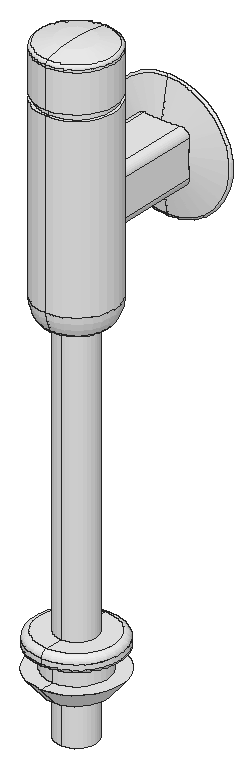
Revit family "PRD_FrankeWS_UrnlFlshngVlvs_SelfClosingUrinalFlushValve_AQRM464", category Plumbing Fixtures, Revit 2018
Family settings
  Round Connector Dimension = Use Diameter
  Part Type = Normal
  OmniClass Number = 23.45.05.14.99
  OmniClass Title = Other Sanitary Washing Plumbing Fixtures
  Work Plane-Based = Yes
  Always vertical = Yes
  Cut with Voids When Loaded = No
  Shared = No
  Room Calculation Point = No
Parameters (values of type "AQRM464")
  WarrantyStartDate [instance] = "1900-12-31T23:59:59"
  WarrantyGuarantorParts = "n/a"
  WarrantyGuarantorLabor = "n/a"
  WarrantyDurationUnit = "year"
  WarrantyDurationParts = "n/a"
  WarrantyDurationLabor = "n/a"
  WarrantyDescription = "n/a"
  Version = "1"
  Uniclass2015Version = "Products v1.17"
  Uniclass2015Title = "Urinal flushing valves"
  Uniclass2015Code = "Pr_40_20_93_79"
  URL = "www.kwc.com"
  TypeOfOperation = "Manual operation"
  TypeOfMounting = "Wall mounting"
  TypeOfFlushingFitting = "Urinal flush valve"
  TailorMade = "No"
  TagNumber [instance] = "n/a"
  SustainabilityPerformance = "n/a"
  SurfaceFinishFitting = "Chromed"
  SoundInsulation = "2"
  Size = "n/a"
  Shape = "n/a"
  SerialNumber [instance] = "n/a"
  Revision = "n/a"
  ReplacementCost = "n/a"
  ProtectiveShutdown = "No"
  ProductInformation = "https://pim.kwc.com/product/2000100071/attachment/datasheet?locale=en"
  OutletSize = "DN 15"
  NominalWidth = 0 mm
  NominalHeight = 0 mm
  NominalDepth = 0 mm
  NetWeight = 0.82 kg
  Name = "Urinal flush valve AQRM464"
  NBSTypeID = "n/a"
  NBSReference = "45-35-70/355"
  NBSOfficeMasterTag = "n/a"
  NBSNote = "n/a"
  NBSDescription = "Urinal flushing valves"
  NBSCertification = "n/a"
  ModelReference = "AQRM464"
  ModelNumber = "2000100071"
  Model = ModelReference  # "AQRM464"
  MinimumFlushingFlow = "0.30 liter per second"
  MinimumFlushWaterVolume = "2.00 liter"
  MinimumFlowPressure = "1.00 bar"
  MaximumFlushingFlow = "0.70 liter per second"
  MaximumFlushWaterVolume = "4.00 liter"
  MaximumFlowPressure = "4.00 bar"
  Material = "brass"
  ManufacturerURL = "www.kwc.com"
  ManufacturerName = "KWC Group AG"  # constant formula
  Manufacturer = ManufacturerName  # "KWC Group AG"
  IsHighPressure = no
  IntegralAccessories = "n/a"
  InstallationDate [instance] = "1900-12-31T23:59:59"
  InletSize = "G 1/2 B"
  IfcExportType = "FLUSHING"
  IfcExportAs = "IfcValveType"
  HasIntegralShutOffDevice = yes
  GrossWeight = 0.90 kg
  Grade = "n/a"
  FunctionalPrinciple = "Hydraulic self-closing"
  FlushingRate = 0.7 L/s
  FlushValveMaterial = PRD_AR_ChromatedBrass_HighPolished
  FlowColdWater = 0.3 L/s
  Finish = "chromed"
  Features = "all-metal construction polished chromium-plated brass"
  ExpectedLife = "n/a"
  DurationUnit = "year"
  DiameterNominal = 15.0 mm
  Description = "AQUALINE urinal flush valve DN 15 for surface installation, flushing quantity and volume flow adjustable, with lockable water quantity regulator, inlet pipe and connector. All-metal construction polished chromium-plated brass."
  Default Elevation = 1219.2 mm
  CreatedOn = "04/2021"  # constant formula
  Constituents = "n/a"
  Color = "n/a"
  CodePerformance = "n/a"
  Category = "Pr_40_20_93_79, Urinal flushing valves"
  CalculationFlowRateColdWater = "0.30 liter per second"
  BarCode [instance] = "n/a"
  BIMObjectName = "PRD_AR_UrinalFlushingValves_SelfClosingUrinalFlushValve_AQRM464"
  Author = "Archispace"  # constant formula
  AssetType = "Fixed"
  AssetIdentifier [instance] = "n/a"
  AccessibilityPerformance = "n/a"
Reference planes
  plane 1 "Center (Front/Back)": y = 0
  plane 2: z = 0
  plane 3 "Center (Left/Right)": x = 0
Forms (mm)
  Revolve 1, solid, material "PRD_AR_ChromatedBrass_HighPolished" <- "FlushValveMaterial", detail levels fine
    sketch origin (0, 0, 0) x (0, 1, 0) y (0, 0, 1)
      loop
        arc (-38.151, 67.286) -> (-46.489, 69.093) -> (-55, 69.7) r 60
        line (-55, 69.7) -> (-55, -227) -> (-46, -227) -> (-46, -206.3) -> (-40.848, -206.3) -> (-34, -197.8) -> (-40.75, -197.8) -> (-40.75, -188.5) -> (-35.4, -188.5)
        arc (-35.4, -188.5) -> (-34.693, -188.207) -> (-34.4, -187.5) r 1
        line (-34.4, -187.5) -> (-34.4, -185)
        arc (-34.4, -185) -> (-35.279, -182.879) -> (-37.4, -182) r 3
        line (-37.4, -182) -> (-46, -182) -> (-46, -49) -> (-40.779, -49)
        arc (-40.779, -49) -> (-40.305, -48.88) -> (-39.944, -48.55) r 1
        arc (-39.944, -48.55) -> (-37.863, -44.223) -> (-37, -39.5) r 18
        line (-37, -39.5) -> (-37, 44) -> (-38.5, 44) -> (-38.5, 46.7) -> (-37, 46.7) -> (-37, 64.7) -> (-37, 65.75)
        arc (-37, 65.75) -> (-37.32, 66.709) -> (-38.151, 67.286) r 1.6
      axis (-55, -227) -> (-55, 69.7)
    angle from 0 to 360
  Revolve 2, solid, material "PRD_AR_ChromatedBrass_HighPolished" <- "FlushValveMaterial", detail levels fine
    sketch origin (0, 0, 0) x (0, 1, 0) y (0, 0, 1)
      loop
        arc (0, 30) -> (-0.625, 29.781) -> (-0.976, 29.219) r 1
        line (-0.976, 29.219) -> (-5, 11.283) -> (-5, 0) -> (0, 0) -> (0, 30)
      axis (-5, 0) -> (0, 0)
    angle from 0 to 360
  Extrusion 3, solid, material "PRD_AR_ChromatedBrass_HighPolished" <- "FlushValveMaterial", detail levels fine
    sketch origin (0, 0, 0) x (1, 0, 0) y (0, 0, 1)
      loop
        arc (-8.5, 12.5) -> (-11.328, 11.328) -> (-12.5, 8.5) r 4
        line (-12.5, 8.5) -> (-12.5, -8.5)
        arc (-12.5, -8.5) -> (-11.328, -11.328) -> (-8.5, -12.5) r 4
        line (-8.5, -12.5) -> (8.5, -12.5)
        arc (8.5, -12.5) -> (11.328, -11.328) -> (12.5, -8.5) r 4
        line (12.5, -8.5) -> (12.5, 8.5)
        arc (12.5, 8.5) -> (11.328, 11.328) -> (8.5, 12.5) r 4
        line (8.5, 12.5) -> (-8.5, 12.5)
    from 0 to 56.435
  Revolve 4, solid, material "PRD_AR_ChromatedBrass_HighPolished" <- "FlushValveMaterial", detail levels medium
    sketch origin (0, 0, 0) x (0, 1, 0) y (0, 0, 1)
      loop
        line (-46, -49) -> (-37, -49) -> (-37, 69.7) -> (-55, 69.7) -> (-55, -227) -> (-46, -227) -> (-46, -49)
      axis (-55, -227) -> (-55, 69.7)
    angle from 0 to 360
  Extrusion 5, solid, material "PRD_AR_ChromatedBrass_HighPolished" <- "FlushValveMaterial", detail levels medium
    sketch origin (0, 0, 0) x (1, 0, 0) y (0, 0, 1)
      loop
        line (-12.5, 12.5) -> (-12.5, -12.5) -> (12.5, -12.5) -> (12.5, 12.5) -> (-12.5, 12.5)
    from 0 to 57.179
  Extrusion 6, solid, material "PRD_AR_ChromatedBrass_HighPolished" <- "FlushValveMaterial", detail levels coarse
    sketch origin (0, 0, 0) x (0, 1, 0) y (0, 0, 1)
      loop
        line (-73, -227) -> (0, -227) -> (0, 69.7) -> (-73, 69.7) -> (-73, -227)
    from -30 to 30
Cuts and joins
  joined: Revolve 1, Revolve 2, Extrusion 3
  joined: Revolve 4, Extrusion 5
Dimensions and locks
  aligned and locked: level to plane 2
Connectors
  piping at (0, 0, 0), diameter 15, driven by "DiameterNominal"
    settings: on cut or joined group of Revolve 1, Revolve 2, Extrusion 3, index 1, connector inside diameter 609.6 mm, connector length 0 mm, flow factor 0, pipe flow 0.0 L/s, pressure drop 0.0 Pa, fitting loss kfactor 0, connector angle 0.00°, fixture units 0, engagement length 0 mm, angle of deflection 0.00°, flow configuration 0, flow direction 1, fitting loss method 0, system type 20, joint type 0, gender type 0, connector reference index -1, connector utility 0, adjustable connector no, is connector primary yes, connector description ""
